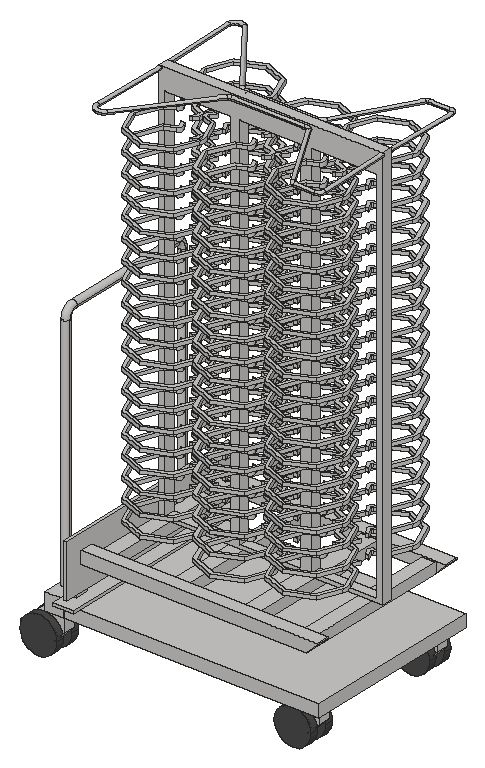
Revit family "QF_ELECTROLUXPROFESSIONAL_922764_TRBA116PL2021C", category Attrezzature speciali, Revit 2020 (continued)
Forms (mm)
  Extrusion 47, solid, material "QF_Finishes_Stainless Steel"
    sketch origin (767.285, 0, -528) x (-1, 0, 0) y (0, -1, 0)
      loop
        line (555.12, 318.284) -> (567.657, 340) -> (554.651, 340) -> (544.85, 323.024)
        arc (544.85, 323.024) -> (543.616, 310.765) -> (551.98, 301.717) r 15
        line (551.98, 301.717) -> (586.499, 287.064) -> (618.997, 206.718) -> (586.628, 130.461) -> (504.818, 94.427)
    from 1622.45 to 1634.145
  Extrusion 48, solid, material "QF_Finishes_Stainless Steel"
    sketch origin (1251.986, -716, -528) x (-1, 0, 0) y (0, -1, 0)
      loop
        line (504.818, -94.427) -> (586.628, -130.461) -> (618.997, -206.718) -> (586.499, -287.064) -> (551.98, -301.717)
        arc (551.98, -301.717) -> (543.616, -310.765) -> (544.85, -323.024) r 15
        line (544.85, -323.024) -> (554.651, -340) -> (567.657, -340) -> (555.12, -318.284)
        arc (555.12, -318.284) -> (554.708, -314.196) -> (557.498, -311.181) r 5
        line (557.498, -311.181) -> (593.566, -295.887) -> (623.076, -222.928)
        arc (623.076, -222.928) -> (625.993, -207.596) -> (622.82, -192.315) r 40
        line (622.82, -192.315) -> (592.098, -119.859) -> (503.779, -84.136) -> (416.069, -121.327) -> (386.559, -194.286)
        arc (386.559, -194.286) -> (383.642, -209.618) -> (386.815, -224.899) r 40
        line (386.815, -224.899) -> (417.538, -297.355) -> (452.988, -311.71)
        arc (452.988, -311.71) -> (455.84, -314.719) -> (455.442, -318.845) r 5
        line (455.442, -318.845) -> (443.228, -340) -> (456.234, -340) -> (466.099, -322.914)
        arc (466.099, -322.914) -> (467.293, -310.536) -> (458.738, -301.51) r 15
        line (458.738, -301.51) -> (426.361, -288.4) -> (392.491, -208.607) -> (428.561, -126.797) -> (504.818, -94.427)
    from 1622.45 to 1634.145
  Extrusion 49, solid, material "QF_Finishes_Stainless Steel"
    sketch origin (767.285, -716, -528) x (-1, 0, 0) y (0, -1, 0)
      loop
        line (504.818, -94.427) -> (586.628, -130.461) -> (618.997, -206.718) -> (586.499, -287.064) -> (551.98, -301.717)
        arc (551.98, -301.717) -> (543.616, -310.765) -> (544.85, -323.024) r 15
        line (544.85, -323.024) -> (554.651, -340) -> (567.657, -340) -> (555.12, -318.284)
        arc (555.12, -318.284) -> (554.708, -314.196) -> (557.498, -311.181) r 5
        line (557.498, -311.181) -> (593.566, -295.887) -> (623.076, -222.928)
        arc (623.076, -222.928) -> (625.993, -207.596) -> (622.82, -192.315) r 40
        line (622.82, -192.315) -> (592.098, -119.859) -> (503.779, -84.136) -> (416.069, -121.327) -> (386.559, -194.286)
        arc (386.559, -194.286) -> (383.642, -209.618) -> (386.815, -224.899) r 40
        line (386.815, -224.899) -> (417.538, -297.355) -> (452.988, -311.71)
        arc (452.988, -311.71) -> (455.84, -314.719) -> (455.442, -318.845) r 5
        line (455.442, -318.845) -> (443.228, -340) -> (456.234, -340) -> (466.099, -322.914)
        arc (466.099, -322.914) -> (467.293, -310.536) -> (458.738, -301.51) r 15
        line (458.738, -301.51) -> (426.361, -288.4) -> (392.491, -208.607) -> (428.561, -126.797) -> (504.818, -94.427)
    from 1622.45 to 1634.145
  Extrusion 50, solid, material "QF_Finishes_Stainless Steel"
    sketch origin (1251.986, 0, -594) x (-1, 0, 0) y (0, -1, 0)
      loop
        line (504.818, 94.427) -> (428.561, 126.797) -> (392.491, 208.607) -> (426.361, 288.4) -> (458.738, 301.51)
        arc (458.738, 301.51) -> (467.293, 310.536) -> (466.099, 322.914) r 15
        line (466.099, 322.914) -> (456.234, 340) -> (443.228, 340) -> (455.442, 318.845)
        arc (455.442, 318.845) -> (455.84, 314.719) -> (452.988, 311.71) r 5
        line (452.988, 311.71) -> (417.538, 297.355) -> (386.815, 224.899)
        arc (386.815, 224.899) -> (383.642, 209.618) -> (386.559, 194.286) r 40
        line (386.559, 194.286) -> (416.069, 121.327) -> (503.779, 84.136) -> (592.098, 119.859) -> (622.82, 192.315)
        arc (622.82, 192.315) -> (625.993, 207.596) -> (623.076, 222.928) r 40
        line (623.076, 222.928) -> (593.566, 295.887) -> (557.498, 311.181)
        arc (557.498, 311.181) -> (554.708, 314.196) -> (555.12, 318.284) r 5
        line (555.12, 318.284) -> (567.657, 340) -> (554.651, 340) -> (544.85, 323.024)
        arc (544.85, 323.024) -> (543.616, 310.765) -> (551.98, 301.717) r 15
        line (551.98, 301.717) -> (586.499, 287.064) -> (618.997, 206.718) -> (586.628, 130.461) -> (504.818, 94.427)
    from 1622.45 to 1634.145
  Extrusion 51, solid, material "QF_Finishes_Stainless Steel"
    sketch origin (767.285, 0, -594) x (-1, 0, 0) y (0, -1, 0)
      loop
        line (504.818, 94.427) -> (428.561, 126.797) -> (392.491, 208.607) -> (426.361, 288.4) -> (458.738, 301.51)
        arc (458.738, 301.51) -> (467.293, 310.536) -> (466.099, 322.914) r 15
        line (466.099, 322.914) -> (456.234, 340) -> (443.228, 340) -> (455.442, 318.845)
        arc (455.442, 318.845) -> (455.84, 314.719) -> (452.988, 311.71) r 5
        line (452.988, 311.71) -> (417.538, 297.355) -> (386.815, 224.899)
        arc (386.815, 224.899) -> (383.642, 209.618) -> (386.559, 194.286) r 40
        line (386.559, 194.286) -> (416.069, 121.327) -> (503.779, 84.136) -> (592.098, 119.859) -> (622.82, 192.315)
        arc (622.82, 192.315) -> (625.993, 207.596) -> (623.076, 222.928) r 40
        line (623.076, 222.928) -> (593.566, 295.887) -> (557.498, 311.181)
        arc (557.498, 311.181) -> (554.708, 314.196) -> (555.12, 318.284) r 5
        line (555.12, 318.284) -> (567.657, 340) -> (554.651, 340) -> (544.85, 323.024)
        arc (544.85, 323.024) -> (543.616, 310.765) -> (551.98, 301.717) r 15
        line (551.98, 301.717) -> (586.499, 287.064) -> (618.997, 206.718) -> (586.628, 130.461) -> (504.818, 94.427)
    from 1622.45 to 1634.145
  Extrusion 52, solid, material "QF_Finishes_Stainless Steel"
    sketch origin (1251.986, -716, -594) x (-1, 0, 0) y (0, -1, 0)
      loop
        line (504.818, -94.427) -> (586.628, -130.461) -> (618.997, -206.718) -> (586.499, -287.064) -> (551.98, -301.717)
        arc (551.98, -301.717) -> (543.616, -310.765) -> (544.85, -323.024) r 15
        line (544.85, -323.024) -> (554.651, -340) -> (567.657, -340) -> (555.12, -318.284)
        arc (555.12, -318.284) -> (554.708, -314.196) -> (557.498, -311.181) r 5
        line (557.498, -311.181) -> (593.566, -295.887) -> (623.076, -222.928)
        arc (623.076, -222.928) -> (625.993, -207.596) -> (622.82, -192.315) r 40
        line (622.82, -192.315) -> (592.098, -119.859) -> (503.779, -84.136) -> (416.069, -121.327) -> (386.559, -194.286)
        arc (386.559, -194.286) -> (383.642, -209.618) -> (386.815, -224.899) r 40
        line (386.815, -224.899) -> (417.538, -297.355) -> (452.988, -311.71)
        arc (452.988, -311.71) -> (455.84, -314.719) -> (455.442, -318.845) r 5
        line (455.442, -318.845) -> (443.228, -340) -> (456.234, -340) -> (466.099, -322.914)
        arc (466.099, -322.914) -> (467.293, -310.536) -> (458.738, -301.51) r 15
        line (458.738, -301.51) -> (426.361, -288.4) -> (392.491, -208.607) -> (428.561, -126.797) -> (504.818, -94.427)
    from 1622.45 to 1634.145
  Extrusion 53, solid, material "QF_Finishes_Stainless Steel"
    sketch origin (767.285, -716, -594) x (-1, 0, 0) y (0, -1, 0)
      loop
        line (504.818, -94.427) -> (586.628, -130.461) -> (618.997, -206.718) -> (586.499, -287.064) -> (551.98, -301.717)
        arc (551.98, -301.717) -> (543.616, -310.765) -> (544.85, -323.024) r 15
        line (544.85, -323.024) -> (554.651, -340) -> (567.657, -340) -> (555.12, -318.284)
        arc (555.12, -318.284) -> (554.708, -314.196) -> (557.498, -311.181) r 5
        line (557.498, -311.181) -> (593.566, -295.887) -> (623.076, -222.928)
        arc (623.076, -222.928) -> (625.993, -207.596) -> (622.82, -192.315) r 40
        line (622.82, -192.315) -> (592.098, -119.859) -> (503.779, -84.136) -> (416.069, -121.327) -> (386.559, -194.286)
        arc (386.559, -194.286) -> (383.642, -209.618) -> (386.815, -224.899) r 40
        line (386.815, -224.899) -> (417.538, -297.355) -> (452.988, -311.71)
        arc (452.988, -311.71) -> (455.84, -314.719) -> (455.442, -318.845) r 5
        line (455.442, -318.845) -> (443.228, -340) -> (456.234, -340) -> (466.099, -322.914)
        arc (466.099, -322.914) -> (467.293, -310.536) -> (458.738, -301.51) r 15
        line (458.738, -301.51) -> (426.361, -288.4) -> (392.491, -208.607) -> (428.561, -126.797) -> (504.818, -94.427)
    from 1622.45 to 1634.145
  Extrusion 54, solid, material "QF_Finishes_Stainless Steel"
    sketch origin (1251.986, 0, -660) x (-1, 0, 0) y (0, -1, 0)
      loop
        line (504.818, 94.427) -> (428.561, 126.797) -> (392.491, 208.607) -> (426.361, 288.4) -> (458.738, 301.51)
        arc (458.738, 301.51) -> (467.293, 310.536) -> (466.099, 322.914) r 15
        line (466.099, 322.914) -> (456.234, 340) -> (443.228, 340) -> (455.442, 318.845)
        arc (455.442, 318.845) -> (455.84, 314.719) -> (452.988, 311.71) r 5
        line (452.988, 311.71) -> (417.538, 297.355) -> (386.815, 224.899)
        arc (386.815, 224.899) -> (383.642, 209.618) -> (386.559, 194.286) r 40
        line (386.559, 194.286) -> (416.069, 121.327) -> (503.779, 84.136) -> (592.098, 119.859) -> (622.82, 192.315)
        arc (622.82, 192.315) -> (625.993, 207.596) -> (623.076, 222.928) r 40
        line (623.076, 222.928) -> (593.566, 295.887) -> (557.498, 311.181)
        arc (557.498, 311.181) -> (554.708, 314.196) -> (555.12, 318.284) r 5
        line (555.12, 318.284) -> (567.657, 340) -> (554.651, 340) -> (544.85, 323.024)
        arc (544.85, 323.024) -> (543.616, 310.765) -> (551.98, 301.717) r 15
        line (551.98, 301.717) -> (586.499, 287.064) -> (618.997, 206.718) -> (586.628, 130.461) -> (504.818, 94.427)
    from 1622.45 to 1634.145
  Extrusion 55, solid, material "QF_Finishes_Stainless Steel"
    sketch origin (767.285, 0, -660) x (-1, 0, 0) y (0, -1, 0)
      loop
        line (504.818, 94.427) -> (428.561, 126.797) -> (392.491, 208.607) -> (426.361, 288.4) -> (458.738, 301.51)
        arc (458.738, 301.51) -> (467.293, 310.536) -> (466.099, 322.914) r 15
        line (466.099, 322.914) -> (456.234, 340) -> (443.228, 340) -> (455.442, 318.845)
        arc (455.442, 318.845) -> (455.84, 314.719) -> (452.988, 311.71) r 5
        line (452.988, 311.71) -> (417.538, 297.355) -> (386.815, 224.899)
        arc (386.815, 224.899) -> (383.642, 209.618) -> (386.559, 194.286) r 40
        line (386.559, 194.286) -> (416.069, 121.327) -> (503.779, 84.136) -> (592.098, 119.859) -> (622.82, 192.315)
        arc (622.82, 192.315) -> (625.993, 207.596) -> (623.076, 222.928) r 40
        line (623.076, 222.928) -> (593.566, 295.887) -> (557.498, 311.181)
        arc (557.498, 311.181) -> (554.708, 314.196) -> (555.12, 318.284) r 5
        line (555.12, 318.284) -> (567.657, 340) -> (554.651, 340) -> (544.85, 323.024)
        arc (544.85, 323.024) -> (543.616, 310.765) -> (551.98, 301.717) r 15
        line (551.98, 301.717) -> (586.499, 287.064) -> (618.997, 206.718) -> (586.628, 130.461) -> (504.818, 94.427)
    from 1622.45 to 1634.145
  Extrusion 56, solid, material "QF_Finishes_Stainless Steel"
    sketch origin (1251.986, -716, -660) x (-1, 0, 0) y (0, -1, 0)
      loop
        line (504.818, -94.427) -> (586.628, -130.461) -> (618.997, -206.718) -> (586.499, -287.064) -> (551.98, -301.717)
        arc (551.98, -301.717) -> (543.616, -310.765) -> (544.85, -323.024) r 15
        line (544.85, -323.024) -> (554.651, -340) -> (567.657, -340) -> (555.12, -318.284)
        arc (555.12, -318.284) -> (554.708, -314.196) -> (557.498, -311.181) r 5
        line (557.498, -311.181) -> (593.566, -295.887) -> (623.076, -222.928)
        arc (623.076, -222.928) -> (625.993, -207.596) -> (622.82, -192.315) r 40
        line (622.82, -192.315) -> (592.098, -119.859) -> (503.779, -84.136) -> (416.069, -121.327) -> (386.559, -194.286)
        arc (386.559, -194.286) -> (383.642, -209.618) -> (386.815, -224.899) r 40
        line (386.815, -224.899) -> (417.538, -297.355) -> (452.988, -311.71)
        arc (452.988, -311.71) -> (455.84, -314.719) -> (455.442, -318.845) r 5
        line (455.442, -318.845) -> (443.228, -340) -> (456.234, -340) -> (466.099, -322.914)
        arc (466.099, -322.914) -> (467.293, -310.536) -> (458.738, -301.51) r 15
        line (458.738, -301.51) -> (426.361, -288.4) -> (392.491, -208.607) -> (428.561, -126.797) -> (504.818, -94.427)
    from 1622.45 to 1634.145
  Extrusion 57, solid, material "QF_Finishes_Stainless Steel"
    sketch origin (767.285, -716, -660) x (-1, 0, 0) y (0, -1, 0)
      loop
        line (504.818, -94.427) -> (586.628, -130.461) -> (618.997, -206.718) -> (586.499, -287.064) -> (551.98, -301.717)
        arc (551.98, -301.717) -> (543.616, -310.765) -> (544.85, -323.024) r 15
        line (544.85, -323.024) -> (554.651, -340) -> (567.657, -340) -> (555.12, -318.284)
        arc (555.12, -318.284) -> (554.708, -314.196) -> (557.498, -311.181) r 5
        line (557.498, -311.181) -> (593.566, -295.887) -> (623.076, -222.928)
        arc (623.076, -222.928) -> (625.993, -207.596) -> (622.82, -192.315) r 40
        line (622.82, -192.315) -> (592.098, -119.859) -> (503.779, -84.136) -> (416.069, -121.327) -> (386.559, -194.286)
        arc (386.559, -194.286) -> (383.642, -209.618) -> (386.815, -224.899) r 40
        line (386.815, -224.899) -> (417.538, -297.355) -> (452.988, -311.71)
        arc (452.988, -311.71) -> (455.84, -314.719) -> (455.442, -318.845) r 5
        line (455.442, -318.845) -> (443.228, -340) -> (456.234, -340) -> (466.099, -322.914)
        arc (466.099, -322.914) -> (467.293, -310.536) -> (458.738, -301.51) r 15
        line (458.738, -301.51) -> (426.361, -288.4) -> (392.491, -208.607) -> (428.561, -126.797) -> (504.818, -94.427)
    from 1622.45 to 1634.145
  Extrusion 58, solid, material "QF_Finishes_Stainless Steel"
    sketch origin (1251.986, 0, -726) x (-1, 0, 0) y (0, -1, 0)
      loop
        line (504.818, 94.427) -> (428.561, 126.797) -> (392.491, 208.607) -> (426.361, 288.4) -> (458.738, 301.51)
        arc (458.738, 301.51) -> (467.293, 310.536) -> (466.099, 322.914) r 15
        line (466.099, 322.914) -> (456.234, 340) -> (443.228, 340) -> (455.442, 318.845)
        arc (455.442, 318.845) -> (455.84, 314.719) -> (452.988, 311.71) r 5
        line (452.988, 311.71) -> (417.538, 297.355) -> (386.815, 224.899)
        arc (386.815, 224.899) -> (383.642, 209.618) -> (386.559, 194.286) r 40
        line (386.559, 194.286) -> (416.069, 121.327) -> (503.779, 84.136) -> (592.098, 119.859) -> (622.82, 192.315)
        arc (622.82, 192.315) -> (625.993, 207.596) -> (623.076, 222.928) r 40
        line (623.076, 222.928) -> (593.566, 295.887) -> (557.498, 311.181)
        arc (557.498, 311.181) -> (554.708, 314.196) -> (555.12, 318.284) r 5
        line (555.12, 318.284) -> (567.657, 340) -> (554.651, 340) -> (544.85, 323.024)
        arc (544.85, 323.024) -> (543.616, 310.765) -> (551.98, 301.717) r 15
        line (551.98, 301.717) -> (586.499, 287.064) -> (618.997, 206.718) -> (586.628, 130.461) -> (504.818, 94.427)
    from 1622.45 to 1634.145
  Extrusion 59, solid, material "QF_Finishes_Stainless Steel"
    sketch origin (767.285, 0, -726) x (-1, 0, 0) y (0, -1, 0)
      loop
        line (504.818, 94.427) -> (428.561, 126.797) -> (392.491, 208.607) -> (426.361, 288.4) -> (458.738, 301.51)
        arc (458.738, 301.51) -> (467.293, 310.536) -> (466.099, 322.914) r 15
        line (466.099, 322.914) -> (456.234, 340) -> (443.228, 340) -> (455.442, 318.845)
        arc (455.442, 318.845) -> (455.84, 314.719) -> (452.988, 311.71) r 5
        line (452.988, 311.71) -> (417.538, 297.355) -> (386.815, 224.899)
        arc (386.815, 224.899) -> (383.642, 209.618) -> (386.559, 194.286) r 40
        line (386.559, 194.286) -> (416.069, 121.327) -> (503.779, 84.136) -> (592.098, 119.859) -> (622.82, 192.315)
        arc (622.82, 192.315) -> (625.993, 207.596) -> (623.076, 222.928) r 40
        line (623.076, 222.928) -> (593.566, 295.887) -> (557.498, 311.181)
        arc (557.498, 311.181) -> (554.708, 314.196) -> (555.12, 318.284) r 5
        line (555.12, 318.284) -> (567.657, 340) -> (554.651, 340) -> (544.85, 323.024)
        arc (544.85, 323.024) -> (543.616, 310.765) -> (551.98, 301.717) r 15
        line (551.98, 301.717) -> (586.499, 287.064) -> (618.997, 206.718) -> (586.628, 130.461) -> (504.818, 94.427)
    from 1622.45 to 1634.145
  Extrusion 60, solid, material "QF_Finishes_Stainless Steel"
    sketch origin (1251.986, -716, -726) x (-1, 0, 0) y (0, -1, 0)
      loop
        line (504.818, -94.427) -> (586.628, -130.461) -> (618.997, -206.718) -> (586.499, -287.064) -> (551.98, -301.717)
        arc (551.98, -301.717) -> (543.616, -310.765) -> (544.85, -323.024) r 15
        line (544.85, -323.024) -> (554.651, -340) -> (567.657, -340) -> (555.12, -318.284)
        arc (555.12, -318.284) -> (554.708, -314.196) -> (557.498, -311.181) r 5
        line (557.498, -311.181) -> (593.566, -295.887) -> (623.076, -222.928)
        arc (623.076, -222.928) -> (625.993, -207.596) -> (622.82, -192.315) r 40
        line (622.82, -192.315) -> (592.098, -119.859) -> (503.779, -84.136) -> (416.069, -121.327) -> (386.559, -194.286)
        arc (386.559, -194.286) -> (383.642, -209.618) -> (386.815, -224.899) r 40
        line (386.815, -224.899) -> (417.538, -297.355) -> (452.988, -311.71)
        arc (452.988, -311.71) -> (455.84, -314.719) -> (455.442, -318.845) r 5
        line (455.442, -318.845) -> (443.228, -340) -> (456.234, -340) -> (466.099, -322.914)
        arc (466.099, -322.914) -> (467.293, -310.536) -> (458.738, -301.51) r 15
        line (458.738, -301.51) -> (426.361, -288.4) -> (392.491, -208.607) -> (428.561, -126.797) -> (504.818, -94.427)
    from 1622.45 to 1634.145
  Extrusion 61, solid, material "QF_Finishes_Stainless Steel"
    sketch origin (767.285, -716, -726) x (-1, 0, 0) y (0, -1, 0)
      loop
        line (504.818, -94.427) -> (586.628, -130.461) -> (618.997, -206.718) -> (586.499, -287.064) -> (551.98, -301.717)
        arc (551.98, -301.717) -> (543.616, -310.765) -> (544.85, -323.024) r 15
        line (544.85, -323.024) -> (554.651, -340) -> (567.657, -340) -> (555.12, -318.284)
        arc (555.12, -318.284) -> (554.708, -314.196) -> (557.498, -311.181) r 5
        line (557.498, -311.181) -> (593.566, -295.887) -> (623.076, -222.928)
        arc (623.076, -222.928) -> (625.993, -207.596) -> (622.82, -192.315) r 40
        line (622.82, -192.315) -> (592.098, -119.859) -> (503.779, -84.136) -> (416.069, -121.327) -> (386.559, -194.286)
        arc (386.559, -194.286) -> (383.642, -209.618) -> (386.815, -224.899) r 40
        line (386.815, -224.899) -> (417.538, -297.355) -> (452.988, -311.71)
        arc (452.988, -311.71) -> (455.84, -314.719) -> (455.442, -318.845) r 5
        line (455.442, -318.845) -> (443.228, -340) -> (456.234, -340) -> (466.099, -322.914)
        arc (466.099, -322.914) -> (467.293, -310.536) -> (458.738, -301.51) r 15
        line (458.738, -301.51) -> (426.361, -288.4) -> (392.491, -208.607) -> (428.561, -126.797) -> (504.818, -94.427)
    from 1622.45 to 1634.145
  Extrusion 62, solid, material "QF_Finishes_Stainless Steel"
    sketch origin (1251.986, 0, -792) x (-1, 0, 0) y (0, -1, 0)
      loop
        line (504.818, 94.427) -> (428.561, 126.797) -> (392.491, 208.607) -> (426.361, 288.4) -> (458.738, 301.51)
        arc (458.738, 301.51) -> (467.293, 310.536) -> (466.099, 322.914) r 15
        line (466.099, 322.914) -> (456.234, 340) -> (443.228, 340) -> (455.442, 318.845)
        arc (455.442, 318.845) -> (455.84, 314.719) -> (452.988, 311.71) r 5
        line (452.988, 311.71) -> (417.538, 297.355) -> (386.815, 224.899)
        arc (386.815, 224.899) -> (383.642, 209.618) -> (386.559, 194.286) r 40
        line (386.559, 194.286) -> (416.069, 121.327) -> (503.779, 84.136) -> (592.098, 119.859) -> (622.82, 192.315)
        arc (622.82, 192.315) -> (625.993, 207.596) -> (623.076, 222.928) r 40
        line (623.076, 222.928) -> (593.566, 295.887) -> (557.498, 311.181)
        arc (557.498, 311.181) -> (554.708, 314.196) -> (555.12, 318.284) r 5
        line (555.12, 318.284) -> (567.657, 340) -> (554.651, 340) -> (544.85, 323.024)
        arc (544.85, 323.024) -> (543.616, 310.765) -> (551.98, 301.717) r 15
        line (551.98, 301.717) -> (586.499, 287.064) -> (618.997, 206.718) -> (586.628, 130.461) -> (504.818, 94.427)
    from 1622.45 to 1634.145
  Extrusion 63, solid, material "QF_Finishes_Stainless Steel"
    sketch origin (767.285, 0, -792) x (-1, 0, 0) y (0, -1, 0)
      loop
        line (504.818, 94.427) -> (428.561, 126.797) -> (392.491, 208.607) -> (426.361, 288.4) -> (458.738, 301.51)
        arc (458.738, 301.51) -> (467.293, 310.536) -> (466.099, 322.914) r 15
        line (466.099, 322.914) -> (456.234, 340) -> (443.228, 340) -> (455.442, 318.845)
        arc (455.442, 318.845) -> (455.84, 314.719) -> (452.988, 311.71) r 5
        line (452.988, 311.71) -> (417.538, 297.355) -> (386.815, 224.899)
        arc (386.815, 224.899) -> (383.642, 209.618) -> (386.559, 194.286) r 40
        line (386.559, 194.286) -> (416.069, 121.327) -> (503.779, 84.136) -> (592.098, 119.859) -> (622.82, 192.315)
        arc (622.82, 192.315) -> (625.993, 207.596) -> (623.076, 222.928) r 40
        line (623.076, 222.928) -> (593.566, 295.887) -> (557.498, 311.181)
        arc (557.498, 311.181) -> (554.708, 314.196) -> (555.12, 318.284) r 5
        line (555.12, 318.284) -> (567.657, 340) -> (554.651, 340) -> (544.85, 323.024)
        arc (544.85, 323.024) -> (543.616, 310.765) -> (551.98, 301.717) r 15
        line (551.98, 301.717) -> (586.499, 287.064) -> (618.997, 206.718) -> (586.628, 130.461) -> (504.818, 94.427)
    from 1622.45 to 1634.145
  Extrusion 64, solid, material "QF_Finishes_Stainless Steel"
    sketch origin (1251.986, -716, -792) x (-1, 0, 0) y (0, -1, 0)
      loop
        line (504.818, -94.427) -> (586.628, -130.461) -> (618.997, -206.718) -> (586.499, -287.064) -> (551.98, -301.717)
        arc (551.98, -301.717) -> (543.616, -310.765) -> (544.85, -323.024) r 15
        line (544.85, -323.024) -> (554.651, -340) -> (567.657, -340) -> (555.12, -318.284)
        arc (555.12, -318.284) -> (554.708, -314.196) -> (557.498, -311.181) r 5
        line (557.498, -311.181) -> (593.566, -295.887) -> (623.076, -222.928)
        arc (623.076, -222.928) -> (625.993, -207.596) -> (622.82, -192.315) r 40
        line (622.82, -192.315) -> (592.098, -119.859) -> (503.779, -84.136) -> (416.069, -121.327) -> (386.559, -194.286)
        arc (386.559, -194.286) -> (383.642, -209.618) -> (386.815, -224.899) r 40
        line (386.815, -224.899) -> (417.538, -297.355) -> (452.988, -311.71)
        arc (452.988, -311.71) -> (455.84, -314.719) -> (455.442, -318.845) r 5
        line (455.442, -318.845) -> (443.228, -340) -> (456.234, -340) -> (466.099, -322.914)
        arc (466.099, -322.914) -> (467.293, -310.536) -> (458.738, -301.51) r 15
        line (458.738, -301.51) -> (426.361, -288.4) -> (392.491, -208.607) -> (428.561, -126.797) -> (504.818, -94.427)
    from 1622.45 to 1634.145
  Extrusion 65, solid, material "QF_Finishes_Stainless Steel"
    sketch origin (767.285, -716, -792) x (-1, 0, 0) y (0, -1, 0)
      loop
        line (504.818, -94.427) -> (586.628, -130.461) -> (618.997, -206.718) -> (586.499, -287.064) -> (551.98, -301.717)
        arc (551.98, -301.717) -> (543.616, -310.765) -> (544.85, -323.024) r 15
        line (544.85, -323.024) -> (554.651, -340) -> (567.657, -340) -> (555.12, -318.284)
        arc (555.12, -318.284) -> (554.708, -314.196) -> (557.498, -311.181) r 5
        line (557.498, -311.181) -> (593.566, -295.887) -> (623.076, -222.928)
        arc (623.076, -222.928) -> (625.993, -207.596) -> (622.82, -192.315) r 40
        line (622.82, -192.315) -> (592.098, -119.859) -> (503.779, -84.136) -> (416.069, -121.327) -> (386.559, -194.286)
        arc (386.559, -194.286) -> (383.642, -209.618) -> (386.815, -224.899) r 40
        line (386.815, -224.899) -> (417.538, -297.355) -> (452.988, -311.71)
        arc (452.988, -311.71) -> (455.84, -314.719) -> (455.442, -318.845) r 5
        line (455.442, -318.845) -> (443.228, -340) -> (456.234, -340) -> (466.099, -322.914)
        arc (466.099, -322.914) -> (467.293, -310.536) -> (458.738, -301.51) r 15
        line (458.738, -301.51) -> (426.361, -288.4) -> (392.491, -208.607) -> (428.561, -126.797) -> (504.818, -94.427)
    from 1622.45 to 1634.145
  Extrusion 66, solid, material "QF_Finishes_Stainless Steel"
    sketch origin (1251.986, 0, -858) x (-1, 0, 0) y (0, -1, 0)
      loop
        line (504.818, 94.427) -> (428.561, 126.797) -> (392.491, 208.607) -> (426.361, 288.4) -> (458.738, 301.51)
        arc (458.738, 301.51) -> (467.293, 310.536) -> (466.099, 322.914) r 15
        line (466.099, 322.914) -> (456.234, 340) -> (443.228, 340) -> (455.442, 318.845)
        arc (455.442, 318.845) -> (455.84, 314.719) -> (452.988, 311.71) r 5
        line (452.988, 311.71) -> (417.538, 297.355) -> (386.815, 224.899)
        arc (386.815, 224.899) -> (383.642, 209.618) -> (386.559, 194.286) r 40
        line (386.559, 194.286) -> (416.069, 121.327) -> (503.779, 84.136) -> (592.098, 119.859) -> (622.82, 192.315)
        arc (622.82, 192.315) -> (625.993, 207.596) -> (623.076, 222.928) r 40
        line (623.076, 222.928) -> (593.566, 295.887) -> (557.498, 311.181)
        arc (557.498, 311.181) -> (554.708, 314.196) -> (555.12, 318.284) r 5
        line (555.12, 318.284) -> (567.657, 340) -> (554.651, 340) -> (544.85, 323.024)
        arc (544.85, 323.024) -> (543.616, 310.765) -> (551.98, 301.717) r 15
        line (551.98, 301.717) -> (586.499, 287.064) -> (618.997, 206.718) -> (586.628, 130.461) -> (504.818, 94.427)
    from 1622.45 to 1634.145
  Extrusion 67, solid, material "QF_Finishes_Stainless Steel"
    sketch origin (767.285, 0, -858) x (-1, 0, 0) y (0, -1, 0)
      loop
        line (504.818, 94.427) -> (428.561, 126.797) -> (392.491, 208.607) -> (426.361, 288.4) -> (458.738, 301.51)
        arc (458.738, 301.51) -> (467.293, 310.536) -> (466.099, 322.914) r 15
        line (466.099, 322.914) -> (456.234, 340) -> (443.228, 340) -> (455.442, 318.845)
        arc (455.442, 318.845) -> (455.84, 314.719) -> (452.988, 311.71) r 5
        line (452.988, 311.71) -> (417.538, 297.355) -> (386.815, 224.899)
        arc (386.815, 224.899) -> (383.642, 209.618) -> (386.559, 194.286) r 40
        line (386.559, 194.286) -> (416.069, 121.327) -> (503.779, 84.136) -> (592.098, 119.859) -> (622.82, 192.315)
        arc (622.82, 192.315) -> (625.993, 207.596) -> (623.076, 222.928) r 40
        line (623.076, 222.928) -> (593.566, 295.887) -> (557.498, 311.181)
        arc (557.498, 311.181) -> (554.708, 314.196) -> (555.12, 318.284) r 5
        line (555.12, 318.284) -> (567.657, 340) -> (554.651, 340) -> (544.85, 323.024)
        arc (544.85, 323.024) -> (543.616, 310.765) -> (551.98, 301.717) r 15
        line (551.98, 301.717) -> (586.499, 287.064) -> (618.997, 206.718) -> (586.628, 130.461) -> (504.818, 94.427)
    from 1622.45 to 1634.145
  Extrusion 68, solid, material "QF_Finishes_Stainless Steel"
    sketch origin (1251.986, -716, -858) x (-1, 0, 0) y (0, -1, 0)
      loop
        line (504.818, -94.427) -> (586.628, -130.461) -> (618.997, -206.718) -> (586.499, -287.064) -> (551.98, -301.717)
        arc (551.98, -301.717) -> (543.616, -310.765) -> (544.85, -323.024) r 15
        line (544.85, -323.024) -> (554.651, -340) -> (567.657, -340) -> (555.12, -318.284)
        arc (555.12, -318.284) -> (554.708, -314.196) -> (557.498, -311.181) r 5
        line (557.498, -311.181) -> (593.566, -295.887) -> (623.076, -222.928)
        arc (623.076, -222.928) -> (625.993, -207.596) -> (622.82, -192.315) r 40
        line (622.82, -192.315) -> (592.098, -119.859) -> (503.779, -84.136) -> (416.069, -121.327) -> (386.559, -194.286)
        arc (386.559, -194.286) -> (383.642, -209.618) -> (386.815, -224.899) r 40
        line (386.815, -224.899) -> (417.538, -297.355) -> (452.988, -311.71)
        arc (452.988, -311.71) -> (455.84, -314.719) -> (455.442, -318.845) r 5
        line (455.442, -318.845) -> (443.228, -340) -> (456.234, -340) -> (466.099, -322.914)
        arc (466.099, -322.914) -> (467.293, -310.536) -> (458.738, -301.51) r 15
        line (458.738, -301.51) -> (426.361, -288.4) -> (392.491, -208.607) -> (428.561, -126.797) -> (504.818, -94.427)
    from 1622.45 to 1634.145
  Extrusion 69, solid, material "QF_Finishes_Stainless Steel"
    sketch origin (767.285, -716, -858) x (-1, 0, 0) y (0, -1, 0)
      loop
        line (504.818, -94.427) -> (586.628, -130.461) -> (618.997, -206.718) -> (586.499, -287.064) -> (551.98, -301.717)
        arc (551.98, -301.717) -> (543.616, -310.765) -> (544.85, -323.024) r 15
        line (544.85, -323.024) -> (554.651, -340) -> (567.657, -340) -> (555.12, -318.284)
        arc (555.12, -318.284) -> (554.708, -314.196) -> (557.498, -311.181) r 5
        line (557.498, -311.181) -> (593.566, -295.887) -> (623.076, -222.928)
        arc (623.076, -222.928) -> (625.993, -207.596) -> (622.82, -192.315) r 40
        line (622.82, -192.315) -> (592.098, -119.859) -> (503.779, -84.136) -> (416.069, -121.327) -> (386.559, -194.286)
        arc (386.559, -194.286) -> (383.642, -209.618) -> (386.815, -224.899) r 40
        line (386.815, -224.899) -> (417.538, -297.355) -> (452.988, -311.71)
        arc (452.988, -311.71) -> (455.84, -314.719) -> (455.442, -318.845) r 5
        line (455.442, -318.845) -> (443.228, -340) -> (456.234, -340) -> (466.099, -322.914)
        arc (466.099, -322.914) -> (467.293, -310.536) -> (458.738, -301.51) r 15
        line (458.738, -301.51) -> (426.361, -288.4) -> (392.491, -208.607) -> (428.561, -126.797) -> (504.818, -94.427)
    from 1622.45 to 1634.145
  Extrusion 70, solid, material "QF_Finishes_Stainless Steel"
    sketch origin (1251.986, 0, -924) x (-1, 0, 0) y (0, -1, 0)
      loop
        line (504.818, 94.427) -> (428.561, 126.797) -> (392.491, 208.607) -> (426.361, 288.4) -> (458.738, 301.51)
        arc (458.738, 301.51) -> (467.293, 310.536) -> (466.099, 322.914) r 15
        line (466.099, 322.914) -> (456.234, 340) -> (443.228, 340) -> (455.442, 318.845)
        arc (455.442, 318.845) -> (455.84, 314.719) -> (452.988, 311.71) r 5
        line (452.988, 311.71) -> (417.538, 297.355) -> (386.815, 224.899)
        arc (386.815, 224.899) -> (383.642, 209.618) -> (386.559, 194.286) r 40
        line (386.559, 194.286) -> (416.069, 121.327) -> (503.779, 84.136) -> (592.098, 119.859) -> (622.82, 192.315)
        arc (622.82, 192.315) -> (625.993, 207.596) -> (623.076, 222.928) r 40
        line (623.076, 222.928) -> (593.566, 295.887) -> (557.498, 311.181)
        arc (557.498, 311.181) -> (554.708, 314.196) -> (555.12, 318.284) r 5
        line (555.12, 318.284) -> (567.657, 340) -> (554.651, 340) -> (544.85, 323.024)
        arc (544.85, 323.024) -> (543.616, 310.765) -> (551.98, 301.717) r 15
        line (551.98, 301.717) -> (586.499, 287.064) -> (618.997, 206.718) -> (586.628, 130.461) -> (504.818, 94.427)
    from 1622.45 to 1634.145
  Extrusion 71, solid, material "QF_Finishes_Stainless Steel"
    sketch origin (767.285, 0, -924) x (-1, 0, 0) y (0, -1, 0)
      loop
        line (504.818, 94.427) -> (428.561, 126.797) -> (392.491, 208.607) -> (426.361, 288.4) -> (458.738, 301.51)
        arc (458.738, 301.51) -> (467.293, 310.536) -> (466.099, 322.914) r 15
        line (466.099, 322.914) -> (456.234, 340) -> (443.228, 340) -> (455.442, 318.845)
        arc (455.442, 318.845) -> (455.84, 314.719) -> (452.988, 311.71) r 5
        line (452.988, 311.71) -> (417.538, 297.355) -> (386.815, 224.899)
        arc (386.815, 224.899) -> (383.642, 209.618) -> (386.559, 194.286) r 40
        line (386.559, 194.286) -> (416.069, 121.327) -> (503.779, 84.136) -> (592.098, 119.859) -> (622.82, 192.315)
        arc (622.82, 192.315) -> (625.993, 207.596) -> (623.076, 222.928) r 40
        line (623.076, 222.928) -> (593.566, 295.887) -> (557.498, 311.181)
        arc (557.498, 311.181) -> (554.708, 314.196) -> (555.12, 318.284) r 5
        line (555.12, 318.284) -> (567.657, 340) -> (554.651, 340) -> (544.85, 323.024)
        arc (544.85, 323.024) -> (543.616, 310.765) -> (551.98, 301.717) r 15
        line (551.98, 301.717) -> (586.499, 287.064) -> (618.997, 206.718) -> (586.628, 130.461) -> (504.818, 94.427)
    from 1622.45 to 1634.145
  Extrusion 72, solid, material "QF_Finishes_Stainless Steel"
    sketch origin (1251.986, -716, -924) x (-1, 0, 0) y (0, -1, 0)
      loop
        line (504.818, -94.427) -> (586.628, -130.461) -> (618.997, -206.718) -> (586.499, -287.064) -> (551.98, -301.717)
        arc (551.98, -301.717) -> (543.616, -310.765) -> (544.85, -323.024) r 15
        line (544.85, -323.024) -> (554.651, -340) -> (567.657, -340) -> (555.12, -318.284)
        arc (555.12, -318.284) -> (554.708, -314.196) -> (557.498, -311.181) r 5
        line (557.498, -311.181) -> (593.566, -295.887) -> (623.076, -222.928)
        arc (623.076, -222.928) -> (625.993, -207.596) -> (622.82, -192.315) r 40
        line (622.82, -192.315) -> (592.098, -119.859) -> (503.779, -84.136) -> (416.069, -121.327) -> (386.559, -194.286)
        arc (386.559, -194.286) -> (383.642, -209.618) -> (386.815, -224.899) r 40
        line (386.815, -224.899) -> (417.538, -297.355) -> (452.988, -311.71)
        arc (452.988, -311.71) -> (455.84, -314.719) -> (455.442, -318.845) r 5
        line (455.442, -318.845) -> (443.228, -340) -> (456.234, -340) -> (466.099, -322.914)
        arc (466.099, -322.914) -> (467.293, -310.536) -> (458.738, -301.51) r 15
        line (458.738, -301.51) -> (426.361, -288.4) -> (392.491, -208.607) -> (428.561, -126.797) -> (504.818, -94.427)
    from 1622.45 to 1634.145
  Extrusion 73, solid, material "QF_Finishes_Stainless Steel"
    sketch origin (767.285, -716, -924) x (-1, 0, 0) y (0, -1, 0)
      loop
        line (504.818, -94.427) -> (586.628, -130.461) -> (618.997, -206.718) -> (586.499, -287.064) -> (551.98, -301.717)
        arc (551.98, -301.717) -> (543.616, -310.765) -> (544.85, -323.024) r 15
        line (544.85, -323.024) -> (554.651, -340) -> (567.657, -340) -> (555.12, -318.284)
        arc (555.12, -318.284) -> (554.708, -314.196) -> (557.498, -311.181) r 5
        line (557.498, -311.181) -> (593.566, -295.887) -> (623.076, -222.928)
        arc (623.076, -222.928) -> (625.993, -207.596) -> (622.82, -192.315) r 40
        line (622.82, -192.315) -> (592.098, -119.859) -> (503.779, -84.136) -> (416.069, -121.327) -> (386.559, -194.286)
        arc (386.559, -194.286) -> (383.642, -209.618) -> (386.815, -224.899) r 40
        line (386.815, -224.899) -> (417.538, -297.355) -> (452.988, -311.71)
        arc (452.988, -311.71) -> (455.84, -314.719) -> (455.442, -318.845) r 5
        line (455.442, -318.845) -> (443.228, -340) -> (456.234, -340) -> (466.099, -322.914)
        arc (466.099, -322.914) -> (467.293, -310.536) -> (458.738, -301.51) r 15
        line (458.738, -301.51) -> (426.361, -288.4) -> (392.491, -208.607) -> (428.561, -126.797) -> (504.818, -94.427)
    from 1622.45 to 1634.145
  Extrusion 74, solid, material "QF_Finishes_Stainless Steel"
    sketch origin (1251.986, 0, -990) x (-1, 0, 0) y (0, -1, 0)
      loop
        line (504.818, 94.427) -> (428.561, 126.797) -> (392.491, 208.607) -> (426.361, 288.4) -> (458.738, 301.51)
        arc (458.738, 301.51) -> (467.293, 310.536) -> (466.099, 322.914) r 15
        line (466.099, 322.914) -> (456.234, 340) -> (443.228, 340) -> (455.442, 318.845)
        arc (455.442, 318.845) -> (455.84, 314.719) -> (452.988, 311.71) r 5
        line (452.988, 311.71) -> (417.538, 297.355) -> (386.815, 224.899)
        arc (386.815, 224.899) -> (383.642, 209.618) -> (386.559, 194.286) r 40
        line (386.559, 194.286) -> (416.069, 121.327) -> (503.779, 84.136) -> (592.098, 119.859) -> (622.82, 192.315)
        arc (622.82, 192.315) -> (625.993, 207.596) -> (623.076, 222.928) r 40
        line (623.076, 222.928) -> (593.566, 295.887) -> (557.498, 311.181)
        arc (557.498, 311.181) -> (554.708, 314.196) -> (555.12, 318.284) r 5
        line (555.12, 318.284) -> (567.657, 340) -> (554.651, 340) -> (544.85, 323.024)
        arc (544.85, 323.024) -> (543.616, 310.765) -> (551.98, 301.717) r 15
        line (551.98, 301.717) -> (586.499, 287.064) -> (618.997, 206.718) -> (586.628, 130.461) -> (504.818, 94.427)
    from 1622.45 to 1634.145
  Extrusion 75, solid, material "QF_Finishes_Stainless Steel"
    sketch origin (767.285, 0, -990) x (-1, 0, 0) y (0, -1, 0)
      loop
        line (504.818, 94.427) -> (428.561, 126.797) -> (392.491, 208.607) -> (426.361, 288.4) -> (458.738, 301.51)
        arc (458.738, 301.51) -> (467.293, 310.536) -> (466.099, 322.914) r 15
        line (466.099, 322.914) -> (456.234, 340) -> (443.228, 340) -> (455.442, 318.845)
        arc (455.442, 318.845) -> (455.84, 314.719) -> (452.988, 311.71) r 5
        line (452.988, 311.71) -> (417.538, 297.355) -> (386.815, 224.899)
        arc (386.815, 224.899) -> (383.642, 209.618) -> (386.559, 194.286) r 40
        line (386.559, 194.286) -> (416.069, 121.327) -> (503.779, 84.136) -> (592.098, 119.859) -> (622.82, 192.315)
        arc (622.82, 192.315) -> (625.993, 207.596) -> (623.076, 222.928) r 40
        line (623.076, 222.928) -> (593.566, 295.887) -> (557.498, 311.181)
        arc (557.498, 311.181) -> (554.708, 314.196) -> (555.12, 318.284) r 5
        line (555.12, 318.284) -> (567.657, 340) -> (554.651, 340) -> (544.85, 323.024)
        arc (544.85, 323.024) -> (543.616, 310.765) -> (551.98, 301.717) r 15
        line (551.98, 301.717) -> (586.499, 287.064) -> (618.997, 206.718) -> (586.628, 130.461) -> (504.818, 94.427)
    from 1622.45 to 1634.145
  Extrusion 76, solid, material "QF_Finishes_Stainless Steel"
    sketch origin (1251.986, -716, -990) x (-1, 0, 0) y (0, -1, 0)
      loop
        line (504.818, -94.427) -> (586.628, -130.461) -> (618.997, -206.718) -> (586.499, -287.064) -> (551.98, -301.717)
        arc (551.98, -301.717) -> (543.616, -310.765) -> (544.85, -323.024) r 15
        line (544.85, -323.024) -> (554.651, -340) -> (567.657, -340) -> (555.12, -318.284)
        arc (555.12, -318.284) -> (554.708, -314.196) -> (557.498, -311.181) r 5
        line (557.498, -311.181) -> (593.566, -295.887) -> (623.076, -222.928)
        arc (623.076, -222.928) -> (625.993, -207.596) -> (622.82, -192.315) r 40
        line (622.82, -192.315) -> (592.098, -119.859) -> (503.779, -84.136) -> (416.069, -121.327) -> (386.559, -194.286)
        arc (386.559, -194.286) -> (383.642, -209.618) -> (386.815, -224.899) r 40
        line (386.815, -224.899) -> (417.538, -297.355) -> (452.988, -311.71)
        arc (452.988, -311.71) -> (455.84, -314.719) -> (455.442, -318.845) r 5
        line (455.442, -318.845) -> (443.228, -340) -> (456.234, -340) -> (466.099, -322.914)
        arc (466.099, -322.914) -> (467.293, -310.536) -> (458.738, -301.51) r 15
        line (458.738, -301.51) -> (426.361, -288.4) -> (392.491, -208.607) -> (428.561, -126.797) -> (504.818, -94.427)
    from 1622.45 to 1634.145
  Extrusion 77, solid, material "QF_Finishes_Stainless Steel"
    sketch origin (767.285, -716, -990) x (-1, 0, 0) y (0, -1, 0)
      loop
        line (504.818, -94.427) -> (586.628, -130.461) -> (618.997, -206.718) -> (586.499, -287.064) -> (551.98, -301.717)
        arc (551.98, -301.717) -> (543.616, -310.765) -> (544.85, -323.024) r 15
        line (544.85, -323.024) -> (554.651, -340) -> (567.657, -340) -> (555.12, -318.284)
        arc (555.12, -318.284) -> (554.708, -314.196) -> (557.498, -311.181) r 5
        line (557.498, -311.181) -> (593.566, -295.887) -> (623.076, -222.928)
        arc (623.076, -222.928) -> (625.993, -207.596) -> (622.82, -192.315) r 40
        line (622.82, -192.315) -> (592.098, -119.859) -> (503.779, -84.136) -> (416.069, -121.327) -> (386.559, -194.286)
        arc (386.559, -194.286) -> (383.642, -209.618) -> (386.815, -224.899) r 40
        line (386.815, -224.899) -> (417.538, -297.355) -> (452.988, -311.71)
        arc (452.988, -311.71) -> (455.84, -314.719) -> (455.442, -318.845) r 5
        line (455.442, -318.845) -> (443.228, -340) -> (456.234, -340) -> (466.099, -322.914)
        arc (466.099, -322.914) -> (467.293, -310.536) -> (458.738, -301.51) r 15
        line (458.738, -301.51) -> (426.361, -288.4) -> (392.491, -208.607) -> (428.561, -126.797) -> (504.818, -94.427)
    from 1622.45 to 1634.145
  Extrusion 78, solid, material "QF_Finishes_Stainless Steel"
    sketch origin (1251.986, 0, -1056) x (-1, 0, 0) y (0, -1, 0)
      loop
        line (504.818, 94.427) -> (428.561, 126.797) -> (392.491, 208.607) -> (426.361, 288.4) -> (458.738, 301.51)
        arc (458.738, 301.51) -> (467.293, 310.536) -> (466.099, 322.914) r 15
        line (466.099, 322.914) -> (456.234, 340) -> (443.228, 340) -> (455.442, 318.845)
        arc (455.442, 318.845) -> (455.84, 314.719) -> (452.988, 311.71) r 5
        line (452.988, 311.71) -> (417.538, 297.355) -> (386.815, 224.899)
        arc (386.815, 224.899) -> (383.642, 209.618) -> (386.559, 194.286) r 40
        line (386.559, 194.286) -> (416.069, 121.327) -> (503.779, 84.136) -> (592.098, 119.859) -> (622.82, 192.315)
        arc (622.82, 192.315) -> (625.993, 207.596) -> (623.076, 222.928) r 40
        line (623.076, 222.928) -> (593.566, 295.887) -> (557.498, 311.181)
        arc (557.498, 311.181) -> (554.708, 314.196) -> (555.12, 318.284) r 5
        line (555.12, 318.284) -> (567.657, 340) -> (554.651, 340) -> (544.85, 323.024)
        arc (544.85, 323.024) -> (543.616, 310.765) -> (551.98, 301.717) r 15
        line (551.98, 301.717) -> (586.499, 287.064) -> (618.997, 206.718) -> (586.628, 130.461) -> (504.818, 94.427)
    from 1622.45 to 1634.145
  Extrusion 79, solid, material "QF_Finishes_Stainless Steel"
    sketch origin (767.285, 0, -1056) x (-1, 0, 0) y (0, -1, 0)
      loop
        line (504.818, 94.427) -> (428.561, 126.797) -> (392.491, 208.607) -> (426.361, 288.4) -> (458.738, 301.51)
        arc (458.738, 301.51) -> (467.293, 310.536) -> (466.099, 322.914) r 15
        line (466.099, 322.914) -> (456.234, 340) -> (443.228, 340) -> (455.442, 318.845)
        arc (455.442, 318.845) -> (455.84, 314.719) -> (452.988, 311.71) r 5
        line (452.988, 311.71) -> (417.538, 297.355) -> (386.815, 224.899)
        arc (386.815, 224.899) -> (383.642, 209.618) -> (386.559, 194.286) r 40
        line (386.559, 194.286) -> (416.069, 121.327) -> (503.779, 84.136) -> (592.098, 119.859) -> (622.82, 192.315)
        arc (622.82, 192.315) -> (625.993, 207.596) -> (623.076, 222.928) r 40
        line (623.076, 222.928) -> (593.566, 295.887) -> (557.498, 311.181)
        arc (557.498, 311.181) -> (554.708, 314.196) -> (555.12, 318.284) r 5
        line (555.12, 318.284) -> (567.657, 340) -> (554.651, 340) -> (544.85, 323.024)
        arc (544.85, 323.024) -> (543.616, 310.765) -> (551.98, 301.717) r 15
        line (551.98, 301.717) -> (586.499, 287.064) -> (618.997, 206.718) -> (586.628, 130.461) -> (504.818, 94.427)
    from 1622.45 to 1634.145
  Extrusion 80, solid, material "QF_Finishes_Stainless Steel"
    sketch origin (1251.986, -716, -1056) x (-1, 0, 0) y (0, -1, 0)
      loop
        line (504.818, -94.427) -> (586.628, -130.461) -> (618.997, -206.718) -> (586.499, -287.064) -> (551.98, -301.717)
        arc (551.98, -301.717) -> (543.616, -310.765) -> (544.85, -323.024) r 15
        line (544.85, -323.024) -> (554.651, -340) -> (567.657, -340) -> (555.12, -318.284)
        arc (555.12, -318.284) -> (554.708, -314.196) -> (557.498, -311.181) r 5
        line (557.498, -311.181) -> (593.566, -295.887) -> (623.076, -222.928)
        arc (623.076, -222.928) -> (625.993, -207.596) -> (622.82, -192.315) r 40
        line (622.82, -192.315) -> (592.098, -119.859) -> (503.779, -84.136) -> (416.069, -121.327) -> (386.559, -194.286)
        arc (386.559, -194.286) -> (383.642, -209.618) -> (386.815, -224.899) r 40
        line (386.815, -224.899) -> (417.538, -297.355) -> (452.988, -311.71)
        arc (452.988, -311.71) -> (455.84, -314.719) -> (455.442, -318.845) r 5
        line (455.442, -318.845) -> (443.228, -340) -> (456.234, -340) -> (466.099, -322.914)
        arc (466.099, -322.914) -> (467.293, -310.536) -> (458.738, -301.51) r 15
        line (458.738, -301.51) -> (426.361, -288.4) -> (392.491, -208.607) -> (428.561, -126.797) -> (504.818, -94.427)
    from 1622.45 to 1634.145
  Extrusion 81, solid, material "QF_Finishes_Stainless Steel"
    sketch origin (767.285, -716, -1056) x (-1, 0, 0) y (0, -1, 0)
      loop
        line (504.818, -94.427) -> (586.628, -130.461) -> (618.997, -206.718) -> (586.499, -287.064) -> (551.98, -301.717)
        arc (551.98, -301.717) -> (543.616, -310.765) -> (544.85, -323.024) r 15
        line (544.85, -323.024) -> (554.651, -340) -> (567.657, -340) -> (555.12, -318.284)
        arc (555.12, -318.284) -> (554.708, -314.196) -> (557.498, -311.181) r 5
        line (557.498, -311.181) -> (593.566, -295.887) -> (623.076, -222.928)
        arc (623.076, -222.928) -> (625.993, -207.596) -> (622.82, -192.315) r 40
        line (622.82, -192.315) -> (592.098, -119.859) -> (503.779, -84.136) -> (416.069, -121.327) -> (386.559, -194.286)
        arc (386.559, -194.286) -> (383.642, -209.618) -> (386.815, -224.899) r 40
        line (386.815, -224.899) -> (417.538, -297.355) -> (452.988, -311.71)
        arc (452.988, -311.71) -> (455.84, -314.719) -> (455.442, -318.845) r 5
        line (455.442, -318.845) -> (443.228, -340) -> (456.234, -340) -> (466.099, -322.914)
        arc (466.099, -322.914) -> (467.293, -310.536) -> (458.738, -301.51) r 15
        line (458.738, -301.51) -> (426.361, -288.4) -> (392.491, -208.607) -> (428.561, -126.797) -> (504.818, -94.427)
    from 1622.45 to 1634.145
  Extrusion 82, solid, material "QF_Finishes_Stainless Steel"
    sketch origin (1251.986, 0, -1122) x (-1, 0, 0) y (0, -1, 0)
      loop
        line (504.818, 94.427) -> (428.561, 126.797) -> (392.491, 208.607) -> (426.361, 288.4) -> (458.738, 301.51)
        arc (458.738, 301.51) -> (467.293, 310.536) -> (466.099, 322.914) r 15
        line (466.099, 322.914) -> (456.234, 340) -> (443.228, 340) -> (455.442, 318.845)
        arc (455.442, 318.845) -> (455.84, 314.719) -> (452.988, 311.71) r 5
        line (452.988, 311.71) -> (417.538, 297.355) -> (386.815, 224.899)
        arc (386.815, 224.899) -> (383.642, 209.618) -> (386.559, 194.286) r 40
        line (386.559, 194.286) -> (416.069, 121.327) -> (503.779, 84.136) -> (592.098, 119.859) -> (622.82, 192.315)
        arc (622.82, 192.315) -> (625.993, 207.596) -> (623.076, 222.928) r 40
        line (623.076, 222.928) -> (593.566, 295.887) -> (557.498, 311.181)
        arc (557.498, 311.181) -> (554.708, 314.196) -> (555.12, 318.284) r 5
        line (555.12, 318.284) -> (567.657, 340) -> (554.651, 340) -> (544.85, 323.024)
        arc (544.85, 323.024) -> (543.616, 310.765) -> (551.98, 301.717) r 15
        line (551.98, 301.717) -> (586.499, 287.064) -> (618.997, 206.718) -> (586.628, 130.461) -> (504.818, 94.427)
    from 1622.45 to 1634.145
  Extrusion 83, solid, material "QF_Finishes_Stainless Steel"
    sketch origin (767.285, 0, -1122) x (-1, 0, 0) y (0, -1, 0)
      loop
        line (504.818, 94.427) -> (428.561, 126.797) -> (392.491, 208.607) -> (426.361, 288.4) -> (458.738, 301.51)
        arc (458.738, 301.51) -> (467.293, 310.536) -> (466.099, 322.914) r 15
        line (466.099, 322.914) -> (456.234, 340) -> (443.228, 340) -> (455.442, 318.845)
        arc (455.442, 318.845) -> (455.84, 314.719) -> (452.988, 311.71) r 5
        line (452.988, 311.71) -> (417.538, 297.355) -> (386.815, 224.899)
        arc (386.815, 224.899) -> (383.642, 209.618) -> (386.559, 194.286) r 40
        line (386.559, 194.286) -> (416.069, 121.327) -> (503.779, 84.136) -> (592.098, 119.859) -> (622.82, 192.315)
        arc (622.82, 192.315) -> (625.993, 207.596) -> (623.076, 222.928) r 40
        line (623.076, 222.928) -> (593.566, 295.887) -> (557.498, 311.181)
        arc (557.498, 311.181) -> (554.708, 314.196) -> (555.12, 318.284) r 5
        line (555.12, 318.284) -> (567.657, 340) -> (554.651, 340) -> (544.85, 323.024)
        arc (544.85, 323.024) -> (543.616, 310.765) -> (551.98, 301.717) r 15
        line (551.98, 301.717) -> (586.499, 287.064) -> (618.997, 206.718) -> (586.628, 130.461) -> (504.818, 94.427)
    from 1622.45 to 1634.145
  Extrusion 84, solid, material "QF_Finishes_Stainless Steel"
    sketch origin (1251.986, -716, -1122) x (-1, 0, 0) y (0, -1, 0)
      loop
        line (504.818, -94.427) -> (586.628, -130.461) -> (618.997, -206.718) -> (586.499, -287.064) -> (551.98, -301.717)
        arc (551.98, -301.717) -> (543.616, -310.765) -> (544.85, -323.024) r 15
        line (544.85, -323.024) -> (554.651, -340) -> (567.657, -340) -> (555.12, -318.284)
        arc (555.12, -318.284) -> (554.708, -314.196) -> (557.498, -311.181) r 5
        line (557.498, -311.181) -> (593.566, -295.887) -> (623.076, -222.928)
        arc (623.076, -222.928) -> (625.993, -207.596) -> (622.82, -192.315) r 40
        line (622.82, -192.315) -> (592.098, -119.859) -> (503.779, -84.136) -> (416.069, -121.327) -> (386.559, -194.286)
        arc (386.559, -194.286) -> (383.642, -209.618) -> (386.815, -224.899) r 40
        line (386.815, -224.899) -> (417.538, -297.355) -> (452.988, -311.71)
        arc (452.988, -311.71) -> (455.84, -314.719) -> (455.442, -318.845) r 5
        line (455.442, -318.845) -> (443.228, -340) -> (456.234, -340) -> (466.099, -322.914)
        arc (466.099, -322.914) -> (467.293, -310.536) -> (458.738, -301.51) r 15
        line (458.738, -301.51) -> (426.361, -288.4) -> (392.491, -208.607) -> (428.561, -126.797) -> (504.818, -94.427)
    from 1622.45 to 1634.145
  Extrusion 85, solid, material "QF_Finishes_Stainless Steel"
    sketch origin (767.285, -716, -1122) x (-1, 0, 0) y (0, -1, 0)
      loop
        line (504.818, -94.427) -> (586.628, -130.461) -> (618.997, -206.718) -> (586.499, -287.064) -> (551.98, -301.717)
        arc (551.98, -301.717) -> (543.616, -310.765) -> (544.85, -323.024) r 15
        line (544.85, -323.024) -> (554.651, -340) -> (567.657, -340) -> (555.12, -318.284)
        arc (555.12, -318.284) -> (554.708, -314.196) -> (557.498, -311.181) r 5
        line (557.498, -311.181) -> (593.566, -295.887) -> (623.076, -222.928)
        arc (623.076, -222.928) -> (625.993, -207.596) -> (622.82, -192.315) r 40
        line (622.82, -192.315) -> (592.098, -119.859) -> (503.779, -84.136) -> (416.069, -121.327) -> (386.559, -194.286)
        arc (386.559, -194.286) -> (383.642, -209.618) -> (386.815, -224.899) r 40
        line (386.815, -224.899) -> (417.538, -297.355) -> (452.988, -311.71)
        arc (452.988, -311.71) -> (455.84, -314.719) -> (455.442, -318.845) r 5
        line (455.442, -318.845) -> (443.228, -340) -> (456.234, -340) -> (466.099, -322.914)
        arc (466.099, -322.914) -> (467.293, -310.536) -> (458.738, -301.51) r 15
        line (458.738, -301.51) -> (426.361, -288.4) -> (392.491, -208.607) -> (428.561, -126.797) -> (504.818, -94.427)
    from 1622.45 to 1634.145
  Extrusion 86, solid, material "QF_Finishes_Stainless Steel"
    sketch origin (1251.986, 0, -1188) x (-1, 0, 0) y (0, -1, 0)
      loop
        line (504.818, 94.427) -> (428.561, 126.797) -> (392.491, 208.607) -> (426.361, 288.4) -> (458.738, 301.51)
        arc (458.738, 301.51) -> (467.293, 310.536) -> (466.099, 322.914) r 15
        line (466.099, 322.914) -> (456.234, 340) -> (443.228, 340) -> (455.442, 318.845)
        arc (455.442, 318.845) -> (455.84, 314.719) -> (452.988, 311.71) r 5
        line (452.988, 311.71) -> (417.538, 297.355) -> (386.815, 224.899)
        arc (386.815, 224.899) -> (383.642, 209.618) -> (386.559, 194.286) r 40
        line (386.559, 194.286) -> (416.069, 121.327) -> (503.779, 84.136) -> (592.098, 119.859) -> (622.82, 192.315)
        arc (622.82, 192.315) -> (625.993, 207.596) -> (623.076, 222.928) r 40
        line (623.076, 222.928) -> (593.566, 295.887) -> (557.498, 311.181)
        arc (557.498, 311.181) -> (554.708, 314.196) -> (555.12, 318.284) r 5
        line (555.12, 318.284) -> (567.657, 340) -> (554.651, 340) -> (544.85, 323.024)
        arc (544.85, 323.024) -> (543.616, 310.765) -> (551.98, 301.717) r 15
        line (551.98, 301.717) -> (586.499, 287.064) -> (618.997, 206.718) -> (586.628, 130.461) -> (504.818, 94.427)
    from 1622.45 to 1634.145
  Extrusion 87, solid, material "QF_Finishes_Stainless Steel"
    sketch origin (767.285, 0, -1188) x (-1, 0, 0) y (0, -1, 0)
      loop
        line (504.818, 94.427) -> (428.561, 126.797) -> (392.491, 208.607) -> (426.361, 288.4) -> (458.738, 301.51)
        arc (458.738, 301.51) -> (467.293, 310.536) -> (466.099, 322.914) r 15
        line (466.099, 322.914) -> (456.234, 340) -> (443.228, 340) -> (455.442, 318.845)
        arc (455.442, 318.845) -> (455.84, 314.719) -> (452.988, 311.71) r 5
        line (452.988, 311.71) -> (417.538, 297.355) -> (386.815, 224.899)
        arc (386.815, 224.899) -> (383.642, 209.618) -> (386.559, 194.286) r 40
        line (386.559, 194.286) -> (416.069, 121.327) -> (503.779, 84.136) -> (592.098, 119.859) -> (622.82, 192.315)
        arc (622.82, 192.315) -> (625.993, 207.596) -> (623.076, 222.928) r 40
        line (623.076, 222.928) -> (593.566, 295.887) -> (557.498, 311.181)
        arc (557.498, 311.181) -> (554.708, 314.196) -> (555.12, 318.284) r 5
        line (555.12, 318.284) -> (567.657, 340) -> (554.651, 340) -> (544.85, 323.024)
        arc (544.85, 323.024) -> (543.616, 310.765) -> (551.98, 301.717) r 15
        line (551.98, 301.717) -> (586.499, 287.064) -> (618.997, 206.718) -> (586.628, 130.461) -> (504.818, 94.427)
    from 1622.45 to 1634.145
  Extrusion 88, solid, material "QF_Finishes_Stainless Steel"
    sketch origin (1251.986, -716, -1188) x (-1, 0, 0) y (0, -1, 0)
      loop
        line (504.818, -94.427) -> (586.628, -130.461) -> (618.997, -206.718) -> (586.499, -287.064) -> (551.98, -301.717)
        arc (551.98, -301.717) -> (543.616, -310.765) -> (544.85, -323.024) r 15
        line (544.85, -323.024) -> (554.651, -340) -> (567.657, -340) -> (555.12, -318.284)
        arc (555.12, -318.284) -> (554.708, -314.196) -> (557.498, -311.181) r 5
        line (557.498, -311.181) -> (593.566, -295.887) -> (623.076, -222.928)
        arc (623.076, -222.928) -> (625.993, -207.596) -> (622.82, -192.315) r 40
        line (622.82, -192.315) -> (592.098, -119.859) -> (503.779, -84.136) -> (416.069, -121.327) -> (386.559, -194.286)
        arc (386.559, -194.286) -> (383.642, -209.618) -> (386.815, -224.899) r 40
        line (386.815, -224.899) -> (417.538, -297.355) -> (452.988, -311.71)
        arc (452.988, -311.71) -> (455.84, -314.719) -> (455.442, -318.845) r 5
        line (455.442, -318.845) -> (443.228, -340) -> (456.234, -340) -> (466.099, -322.914)
        arc (466.099, -322.914) -> (467.293, -310.536) -> (458.738, -301.51) r 15
        line (458.738, -301.51) -> (426.361, -288.4) -> (392.491, -208.607) -> (428.561, -126.797) -> (504.818, -94.427)
    from 1622.45 to 1634.145
  Extrusion 89, solid, material "QF_Finishes_Stainless Steel"
    sketch origin (767.285, -716, -1188) x (-1, 0, 0) y (0, -1, 0)
      loop
        line (504.818, -94.427) -> (586.628, -130.461) -> (618.997, -206.718) -> (586.499, -287.064) -> (551.98, -301.717)
        arc (551.98, -301.717) -> (543.616, -310.765) -> (544.85, -323.024) r 15
        line (544.85, -323.024) -> (554.651, -340) -> (567.657, -340) -> (555.12, -318.284)
        arc (555.12, -318.284) -> (554.708, -314.196) -> (557.498, -311.181) r 5
        line (557.498, -311.181) -> (593.566, -295.887) -> (623.076, -222.928)
        arc (623.076, -222.928) -> (625.993, -207.596) -> (622.82, -192.315) r 40
        line (622.82, -192.315) -> (592.098, -119.859) -> (503.779, -84.136) -> (416.069, -121.327) -> (386.559, -194.286)
        arc (386.559, -194.286) -> (383.642, -209.618) -> (386.815, -224.899) r 40
        line (386.815, -224.899) -> (417.538, -297.355) -> (452.988, -311.71)
        arc (452.988, -311.71) -> (455.84, -314.719) -> (455.442, -318.845) r 5
        line (455.442, -318.845) -> (443.228, -340) -> (456.234, -340) -> (466.099, -322.914)
        arc (466.099, -322.914) -> (467.293, -310.536) -> (458.738, -301.51) r 15
        line (458.738, -301.51) -> (426.361, -288.4) -> (392.491, -208.607) -> (428.561, -126.797) -> (504.818, -94.427)
    from 1622.45 to 1634.145
  Extrusion 90, solid, material "QF_Finishes_Stainless Steel"
    sketch origin (0, 0, -99) x (1, 0, 0) y (0, 1, 0)
      loop
        line (504.818, -94.427) -> (586.628, -130.461) -> (618.997, -206.718) -> (586.499, -287.064) -> (551.98, -301.717)
        arc (551.98, -301.717) -> (543.616, -310.765) -> (544.85, -323.024) r 15
        line (544.85, -323.024) -> (554.651, -340) -> (567.657, -340) -> (555.12, -318.284)
        arc (555.12, -318.284) -> (554.708, -314.196) -> (557.498, -311.181) r 5
        line (557.498, -311.181) -> (593.566, -295.887) -> (623.076, -222.928)
        arc (623.076, -222.928) -> (625.993, -207.596) -> (622.82, -192.315) r 40
        line (622.82, -192.315) -> (592.098, -119.859) -> (503.779, -84.136) -> (416.069, -121.327) -> (386.559, -194.286)
        arc (386.559, -194.286) -> (383.642, -209.618) -> (386.815, -224.899) r 40
        line (386.815, -224.899) -> (417.538, -297.355) -> (452.988, -311.71)
        arc (452.988, -311.71) -> (455.84, -314.719) -> (455.442, -318.845) r 5
        line (455.442, -318.845) -> (443.228, -340) -> (456.234, -340) -> (466.099, -322.914)
        arc (466.099, -322.914) -> (467.293, -310.536) -> (458.738, -301.51) r 15
        line (458.738, -301.51) -> (426.361, -288.4) -> (392.491, -208.607) -> (428.561, -126.797) -> (504.818, -94.427)
    from 1622.45 to 1634.145
  Extrusion 91, solid, material "QF_Finishes_Stainless Steel"
    sketch origin (0, -716, -99) x (1, 0, 0) y (0, 1, 0)
      loop
        line (504.818, 94.427) -> (428.561, 126.797) -> (392.491, 208.607) -> (426.361, 288.4) -> (458.738, 301.51)
        arc (458.738, 301.51) -> (467.293, 310.536) -> (466.099, 322.914) r 15
        line (466.099, 322.914) -> (456.234, 340) -> (443.228, 340) -> (455.442, 318.845)
        arc (455.442, 318.845) -> (455.84, 314.719) -> (452.988, 311.71) r 5
        line (452.988, 311.71) -> (417.538, 297.355) -> (386.815, 224.899)
        arc (386.815, 224.899) -> (383.642, 209.618) -> (386.559, 194.286) r 40
        line (386.559, 194.286) -> (416.069, 121.327) -> (503.779, 84.136) -> (592.098, 119.859) -> (622.82, 192.315)
        arc (622.82, 192.315) -> (625.993, 207.596) -> (623.076, 222.928) r 40
        line (623.076, 222.928) -> (593.566, 295.887) -> (557.498, 311.181)
        arc (557.498, 311.181) -> (554.708, 314.196) -> (555.12, 318.284) r 5
        line (555.12, 318.284) -> (567.657, 340) -> (554.651, 340) -> (544.85, 323.024)
        arc (544.85, 323.024) -> (543.616, 310.765) -> (551.98, 301.717) r 15
        line (551.98, 301.717) -> (586.499, 287.064) -> (618.997, 206.718) -> (586.628, 130.461) -> (504.818, 94.427)
    from 1622.45 to 1634.145
  Extrusion 92, solid, material "QF_Finishes_Stainless Steel"
    sketch origin (0, 0, -165) x (1, 0, 0) y (0, 1, 0)
      loop
        line (504.818, -94.427) -> (586.628, -130.461) -> (618.997, -206.718) -> (586.499, -287.064) -> (551.98, -301.717)
        arc (551.98, -301.717) -> (543.616, -310.765) -> (544.85, -323.024) r 15
        line (544.85, -323.024) -> (554.651, -340) -> (567.657, -340) -> (555.12, -318.284)
        arc (555.12, -318.284) -> (554.708, -314.196) -> (557.498, -311.181) r 5
        line (557.498, -311.181) -> (593.566, -295.887) -> (623.076, -222.928)
        arc (623.076, -222.928) -> (625.993, -207.596) -> (622.82, -192.315) r 40
